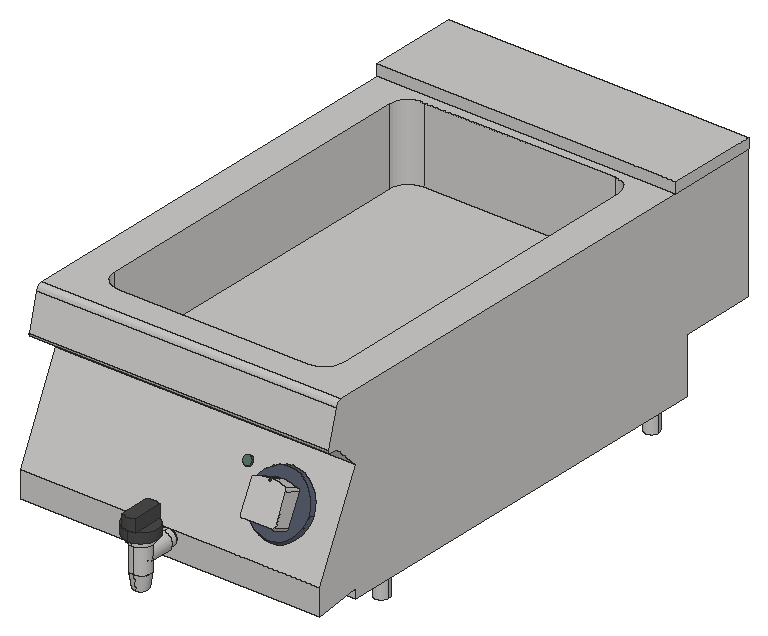
Revit family "QF_ZANUSSI_372096_Z7BMEDB000", category Specialty Equipment, Revit 2018
Family settings
  Round Connector Dimension = Use Diameter
  Part Type = Normal
  Work Plane-Based = No
  Always vertical = Yes
  Cut with Voids When Loaded = No
  Shared = No
  Room Calculation Point = No
Parameters
  Width = 400.00 mm  # constant formula
  Weight in Pounds = 44  # constant formula
  Weight = 0.00 kg
  Watts = 1500 W  # constant formula
  Volts = 230 V  # constant formula
  URL Manufacturer = "http://www.zanussiprofessional.com"
  URL Cutsheet = "www.electrolux.com/foodservice"
  URL = "http://www.zanussiprofessional.com"
  Type Mark [instance] = ""
  Steam Supply Size = 0"
  Steam Supply Minimum Pressure = 0.00 psi
  Steam Supply Maximum Pressure = 0.00 psi
  Steam Pounds per Hour = 0
  Status [instance] = ""
  Specification by User [instance] = ""
  Specification by Manufacturer = ""
  Show Logo [instance] = yes
  Show Clearance [instance] = yes
  Serial Number = ""
  Seismic Rating = ""
  SMACNA No = ""
  Revision Code [instance] = ""
  Refrigeration Suction Line Size = 0"
  Refrigeration Liquid Line Size = 0"
  Refrigerant Compressor Remote = yes
  Plumbing Remarks = ""
  Plumbing Connection Type = ""
  Phase = 1  # constant formula
  Omniclass Number and Title = ""
  Number of Poles [instance] = 1
  NAFEM Spec ID Number = ""
  Model = "Z7BMEDB000"
  Min Ckt Ampacity = 0 A
  Max Overcurrent Protection = 0 A
  Masterspec = ""
  Manufacturer = "Zanussi"
  Length Actual = 400.00 mm  # constant formula
  Item Number [instance] = "372096"
  Installed By [instance] = ""
  Indirect Waste Size = 2"  # constant formula
  Indirect Waste Flow [instance] = 0 GPM
  Indirect Waste Connection Type = ""
  Indirect Waste Connection Height [instance] = 0.00 mm
  Identify Quantity as Lot [instance] = yes
  Hot Water Size = 0"
  Height Actual = 250.00 mm  # constant formula
  Height = 289.00 mm  # constant formula
  HP = "2 HP"
  Gas Size = 0"
  Gas KW = 0
  Gas Input Pressure = 0.0 Btu/h
  Furnished By [instance] = ""
  Foodservice Equipment Identifier [instance] = yes
  FL Amps = if(Phase = 3, Watts / (Volts * 1.73), Watts / Volts)  # 6.52174 A
  Electrical Remarks [instance] = "230 V/1N ph/50/60 Hz"  # constant formula
  Electric Connection Type [instance] = ""
  Elec Conn RI Height [instance] = 0.00 mm
  Elec Conn Connection Height [instance] = 0.00 mm
  Direct Waste Size = 1/2"
  Description = "ELECTRIC BAIN-MARIE TOP 400 MM"
  Depth Actual = 700.00 mm  # constant formula
  Depth = 715.00 mm  # constant formula
  Cycle [instance] = if([60 Hertz Option], 60 Hz, 50 Hz)  # 60 Hz
  Conn Plug = ""
  Conn Conduit = yes
  Condensate Return Size = 0"
  Compressed Air Volume = 0 GPM
  Compressed Air Size = 0"
  Compressed Air Pressure = 0.00 psi
  Cold Water Size = 0"
  CSI MasterFormat = ""
  CSI Master Format = ""
  Base Height [instance] = 24.00 mm  # constant formula
  Apparent Power = if(Phase = 3, Volts * FL Amps * 1.73, Volts * FL Amps)  # 1500 VA
  Accessory = yes
  60 Hertz Option [instance] = not([50 Hertz Option])  # yes
  50 Hertz Option [instance] = no
Reference planes
  plane 1 "BACK": y = 0
  plane 2: z = 0
  plane 3 "LEFT": x = 0
  plane 4 "RIGHT": x = 400
  plane 5 "FRONT": y = -715
  plane 6 "TOP": z = 289
  plane 7 "Center Y": x = 200
  plane 8 "Center X": y = -357.5
  plane 9 "BASE": z = 24
  plane 10 "TOP A": z = 274.825
  plane 11: y = -597.884
  plane 12: y = -147.637
Forms (mm)
  Extrusion 1, solid, material "QF_Finishes_Stainless Steel"
    sketch origin (0, 0, 0) x (0, 1, 0) y (0, 0, 1)
      loop
        line (0, 98) -> (0, 274) -> (-679.358, 274)
        arc (-679.358, 274) -> (-684.643, 271.811) -> (-686.833, 266.526) r 7.474
        line (-686.833, 266.526) -> (-699.884, 221.011)
        arc (-699.884, 221.011) -> (-699.396, 218.379) -> (-697, 217.184) r 3
        line (-697, 217.184) -> (-686.802, 217.184) -> (-654.982, 185.364) -> (-715, 64.508) -> (-715, 29.508) -> (-658.645, 37.428)
        arc (-658.645, 37.428) -> (-656.101, 36.674) -> (-655, 34.259) r 3.2
        line (-655, 34.259) -> (-655, 24) -> (-103, 24) -> (-103, 98) -> (0, 98)
    from 0 to 400
  Extrusion 2, solid, material "QF_Finishes_Stainless Steel"
    sketch origin (0, 0, 274.825) x (-1, 0, 0) y (0, -1, 0)
      loop
        line (0, 0) -> (0, 120.65) -> (-400.05, 120.65) -> (-400.05, 0) -> (0, 0)
    from 0 to 14.175
  Extrusion 3, void
    sketch origin (0, 0, 274.825) x (-1, 0, 0) y (0, -1, 0)
      loop
        arc (-72.425, 132.504) -> (-54.464, 139.943) -> (-47.025, 157.904) r 25.4
        line (-47.025, 157.904) -> (-47.025, 617.104)
        arc (-47.025, 617.104) -> (-54.464, 635.064) -> (-72.425, 642.504) r 25.4
        line (-72.425, 642.504) -> (-327.575, 642.504)
        arc (-327.575, 642.504) -> (-345.536, 635.064) -> (-352.975, 617.104) r 25.4
        line (-352.975, 617.104) -> (-352.975, 157.904)
        arc (-352.975, 157.904) -> (-345.536, 139.943) -> (-327.575, 132.504) r 25.4
        line (-327.575, 132.504) -> (-72.425, 132.504)
    from 0 to -101.6
  Extrusion 4, solid, material "QF_Finishes_Stainless Steel"
    sketch origin (0, 0, 0) x (1, 0, 0) y (0, 1, 0)
      loop
        circle (11.112, -147.638) r 9.525
      loop
        circle (11.112, -597.884) r 9.525
      loop
        circle (388.887, -147.638) r 9.525
      loop
        circle (388.887, -597.884) r 9.525
    from 0 to 24
  Revolve 5, solid, material "QF_Finishes_Stainless Steel"
    sketch origin (200.025, -15.821, 0) x (0, 1, 0) y (0, 0, 1)
      loop
        line (-747.926, 15.877) -> (-738.917, 15.877) -> (-735.301, 36.388) -> (-735.301, 72.729) -> (-732.023, 72.729) -> (-732.023, 80.608) -> (-725.673, 80.608) -> (-725.673, 93.308) -> (-747.926, 93.308) -> (-747.926, 15.877)
      axis (-747.926, 15.877) -> (-747.926, 93.308)
    angle from 0 to 360
  Revolve 6, solid, material "QF_Finishes_Stainless Steel"
    sketch origin (200.025, 0, 0) x (0, 1, 0) y (0, 0, 1)
      loop
        line (-698.522, 55.75) -> (-766.752, 55.75) -> (-766.752, 43.447) -> (-727.357, 43.447) -> (-727.357, 45.149) -> (-718.364, 45.149) -> (-718.364, 47.196) -> (-698.522, 47.196) -> (-698.522, 55.75)
      axis (-766.752, 55.75) -> (-698.522, 55.75)
    angle from 0 to 360
  Extrusion 7, solid, material "QF_Finishes_Black"
    sketch origin (200.025, -763.747, 93.308) x (0, 1, 0) y (-1, 0, 0)
      loop
        line (20.063, 9.626) -> (-20.063, 9.626)
        arc (-20.063, 9.626) -> (-22.253, 0) -> (-20.063, -9.626) r 22.253
        line (-20.063, -9.626) -> (20.063, -9.626)
        arc (20.063, -9.626) -> (22.253, 0) -> (20.063, 9.626) r 22.253
    from 0 to 16.412
  Extrusion 8, solid, material "QF_Finishes_Stainless Steel"
    sketch origin (0, -101.6, 101.788) x (0, 0, -1) y (-1, 0, 0)
      loop
        circle (43.882, -62.029) r 12.7
    from 0 to 12.7
  Extrusion 9, solid, material "QF_Finishes_Clearance", visible <- "Show Clearance", detail levels coarse
    sketch origin (0, 0, 0) x (1, 0, 0) y (0, 1, 0)
      loop
        line (0, -715) -> (0, 0) -> (400, 0) -> (400, -715) -> (550.019, -715) -> (550.019, 150.019) -> (-150.019, 150.019) -> (-150.019, -715) -> (0, -715)
    from 0 to 289
  Blend 10, solid, material "QF_Finishes_Navy Blue"
    base sketch origin (325, -684.991, 124.936) x (1, 0, 0) y (0, 0.444781, 0.895639)
      loop
        circle (0, 0) r 42.5
    top sketch origin (325, -684.991, 124.936) x (1, 0, 0) y (0, 0.444781, 0.895639)
      loop
        circle (0, 0) r 40.5
    from 0 to 5
  Extrusion 11, solid, material "QF_Finishes_Stainless Steel"
    sketch origin (325, -684.991, 124.936) x (1, 0, 0) y (0, 0.444781, 0.895639)
      loop
        arc (-21.147, 22.789) -> (-22.494, 21.685) -> (-23, 20.019) r 2.997
        line (-23, 20.019) -> (-23, -20.019)
        arc (-23, -20.019) -> (-22.122, -22.138) -> (-20.003, -23.016) r 2.997
        line (-20.003, -23.016) -> (20.003, -23.016)
        arc (20.003, -23.016) -> (22.122, -22.138) -> (23, -20.019) r 2.997
        line (23, -20.019) -> (23, 20.019)
        arc (23, 20.019) -> (22.494, 21.685) -> (21.147, 22.789) r 2.997
        arc (21.147, 22.789) -> (0, 26.984) -> (-21.147, 22.789) r 55.4
    from 10 to 34
  Extrusion 12, solid, material "QF_Plastic-Black-Matte"
    sketch origin (405, -684.991, 124.936) x (0, 0.444781, 0.895639) y (0, -0.895639, 0.444781)
      loop
        line (26.984, 34) -> (26.984, 19) -> (27.984, 19) -> (27.984, 34)
        arc (27.984, 34) -> (27.691, 34.707) -> (26.984, 35) r 1
        line (26.984, 35) -> (23.984, 35) -> (23.984, 34) -> (26.984, 34)
    from -81 to -79
  Extrusion 13, solid, material "QF_Finishes_Stainless Steel"
    sketch origin (325, -684.991, 124.936) x (1, 0, 0) y (0, 0.444781, 0.895639)
      loop
        line (17.5, 17.5) -> (-17.5, 17.5) -> (-17.5, -17.5) -> (17.5, -17.5) -> (17.5, 17.5)
    from 5 to 10
  Extrusion 14, solid, material "QF_Finishes_DarkGreen"
    sketch origin (325, -671.648, 151.805) x (1, 0, 0) y (0, 0.444781, 0.895639)
      loop
        circle (-55.001, 0) r 6
    from 0 to 1.6
Cuts and joins
  Extrusion 3 cuts Extrusion 1
Lines and regions (mm)
  Split face 1
    outline origin (320.014, -683.133, 139.919) x (1, 0, 0) y (0, 0.444781, 0.895639)
      loop
        circle (-30.633, -14.752) r 1.5
  Split face 2
    outline origin (328.214, -690.77, 124.541) x (1, 0, 0) y (0, 0.444781, 0.895639)
      loop
        circle (-21.199, -26.582) r 1.5
  Split face 3
    outline origin (332.566, -689.848, 126.397) x (1, 0, 0) y (0, 0.444781, 0.895639)
      loop
        circle (-7.566, -33.148) r 1.5
  Split face 4
    outline origin (337.419, -686.96, 132.212) x (1, 0, 0) y (0, 0.444781, 0.895639)
      loop
        circle (7.566, -33.148) r 1.5
  Split face 5
    outline origin (336.137, -682.319, 141.558) x (1, 0, 0) y (0, 0.444781, 0.895639)
      loop
        circle (21.199, -26.582) r 1.5
  Split face 6
    outline origin (326.5, -678.264, 149.724) x (1, 0, 0) y (0, 0.444781, 0.895639)
      loop
        circle (30.633, -14.752) r 1.5
  Split face 7
    outline origin (310.985, -677.235, 151.796) x (1, 0, 0) y (0, 0.444781, 0.895639)
      loop
        circle (34, 0) r 1.5
  Split face 8
    outline origin (325, -689.469, 127.16) x (1, 0, 0) y (0, 0.444781, 0.895639)
      loop
        circle (0, 33.561) r 1.5
  Split face 9
    outline origin (315.083, -685.035, 136.089) x (1, 0, 0) y (0, 0.444781, 0.895639)
      loop
        circle (-21.199, -26.582) r 1.5
  symbolic lines, style "QF-Clearances", visible <- "Show Clearance", detail levels coarse
    curve 1: line (-150.019, 150.019, 274.825) -> (-150.019, -715, 274.825)
    curve 2: line (550.019, 150.019, 274.825) -> (-150.019, 150.019, 274.825)
    curve 3: line (550.019, -715, 274.825) -> (550.019, 150.019, 274.825)
  symbolic lines
    curve 4: line (0, 0, 274.825) -> (400, 0, 274.825)
    curve 5: line (0, -715, 274.825) -> (0, 0, 274.825)
    curve 6: line (400, 0, 274.825) -> (400, -715, 274.825)
    curve 7: line (47.025, -157.904, 274.825) -> (47.025, -617.104, 274.825)
    curve 8: arc (47.025, -617.104, 274.825) -> (54.464, -635.064, 274.825) -> (72.425, -642.504, 274.825) r 25.4
    curve 9: line (72.425, -642.504, 274.825) -> (327.575, -642.504, 274.825)
    curve 10: arc (327.575, -642.504, 274.825) -> (345.536, -635.064, 274.825) -> (352.975, -617.104, 274.825) r 25.4
    curve 11: line (352.975, -617.104, 274.825) -> (352.975, -157.904, 274.825)
    curve 12: line (327.575, -132.504, 274.825) -> (72.425, -132.504, 274.825)
    curve 13: line (0, -120.65, 274.825) -> (400, -120.65, 274.825)
    curve 14: line (0, -69.85, 274.825) -> (0, -120.65, 274.825)
    curve 15: circle (200, -763.747, 274.825) r 22.253 normal (0, 0, 1)
    curve 16: line (209.626, -783.81, 274.825) -> (209.626, -743.684, 274.825)
    curve 17: line (190.374, -783.81, 274.825) -> (190.374, -743.684, 274.825)
    curve 18: arc (72.425, -132.504, 274.825) -> (54.464, -139.943, 274.825) -> (47.025, -157.904, 274.825) r 25.4
    curve 19: arc (327.575, -132.504, 274.825) -> (345.536, -139.943, 274.825) -> (352.975, -157.904, 274.825) r 25.4
    curve 20: line (189.329, -744.22, 274.825) -> (189.329, -715, 274.825)
    curve 21: line (210.671, -744.22, 274.825) -> (210.671, -715, 274.825)
    curve 22: line (0, -700, 0) -> (400.05, -700, 0)
    curve 23: line (302, -700, 0) -> (302, -724.347, 0)
    curve 24: arc (302, -724.347, 0) -> (302.146, -724.811, 0) -> (302.532, -725.107, 0) r 0.809
    curve 25: arc (302.532, -725.107, 0) -> (303.72, -725.587, 0) -> (304.997, -725.68, 0) r 4.127
    curve 26: arc (302, -704.292, 0) -> (296.959, -702.458, 0) -> (292.191, -700, 0) r 42.24
    curve 27: arc (302, -706.539, 0) -> (302.502, -705.818, 0) -> (303.299, -705.448, 0) r 1.682
    curve 28: arc (303.299, -705.448, 0) -> (313.602, -703.95, 0) -> (324, -703.441, 0) r 109.079
    curve 29: line (324, -700, 0) -> (324, -705.671, 0)
    curve 30: line (324, -705.671, 0) -> (326, -705.671, 0)
    curve 31: line (326, -705.671, 0) -> (326, -700, 0)
    curve 32: line (348, -700, 0) -> (348, -724.347, 0)
    curve 33: arc (348, -724.347, 0) -> (347.854, -724.811, 0) -> (347.468, -725.107, 0) r 0.809
    curve 34: arc (347.468, -725.107, 0) -> (346.28, -725.587, 0) -> (345.003, -725.68, 0) r 4.127
    curve 35: arc (348, -704.292, 0) -> (353.041, -702.458, 0) -> (357.809, -700, 0) r 42.24
    curve 36: arc (348, -706.539, 0) -> (347.498, -705.818, 0) -> (346.701, -705.448, 0) r 1.682
    curve 37: arc (346.701, -705.448, 0) -> (336.398, -703.95, 0) -> (326, -703.441, 0) r 109.079
    curve 38: line (304.997, -725.68, 0) -> (345.003, -725.68, 0)
    curve 39: line (348, -715, 0) -> (400.05, -715, 0)
    curve 40: line (0, -715, 0) -> (302, -715, 0)
Dimensions and locks
  equal spacing: plane 3 "LEFT", plane 7 "Center Y", plane 4 "RIGHT"
  "Width": plane 3 "LEFT" to plane 4 "RIGHT"
  equal spacing: plane 5 "FRONT", plane 8 "Center X", plane 1 "BACK"
  "Depth": plane 5 "FRONT" to plane 1 "BACK"
  "Height": plane 6 "TOP" to level
  plane 1 "BACK" to plane 5 "FRONT" = 715.00 mm
  "Base Height": plane 9 "BASE" to level
  plane 10 "TOP A" to plane 9 "BASE" = 250.825 mm
  aligned and locked: level to plane 2
  aligned and locked: plane 6 "TOP" to Extrusion 2
  aligned and locked: plane 9 "BASE" to Extrusion 4
  aligned and locked: plane 6 "TOP" to Extrusion 9
Automatic sketch dimensions
  Extrusion 2 sketch curve to plane 3 "LEFT" = 0.00 mm
  Extrusion 2 sketch curve to Extrusion 2 sketch curve = 400.05 mm
  plane 1 "BACK" to Extrusion 2 sketch curve = 0.00 mm
  Extrusion 2 sketch curve to plane 12 = 26.988 mm
  plane 11 to Extrusion 4 sketch curve = 0.00 mm  (x2)
  plane 12 to Extrusion 4 sketch curve = 0.00 mm  (x2)
  plane 3 "LEFT" to Extrusion 4 sketch curve = 11.112 mm  (x2)
  Extrusion 4 sketch curve to plane 4 "RIGHT" = 11.113 mm  (x2)
  Revolve 5 sketch curve to plane 9 "BASE" = 8.123 mm
  plane 5 "FRONT" to Revolve 5 sketch curve = 48.747 mm
  Revolve 5 sketch curve to Revolve 5 sketch curve = 0.00 mm
  Revolve 5 sketch curve to Revolve 5 sketch curve = 9.009 mm
  plane 5 "FRONT" to Revolve 5 sketch curve = 36.122 mm
  Revolve 5 sketch curve to Revolve 5 sketch curve = 3.277 mm
  Revolve 5 sketch curve to Revolve 5 sketch curve = 6.35 mm
  plane 9 "BASE" to Revolve 5 sketch curve = 12.388 mm
  Revolve 5 sketch curve to Revolve 5 sketch curve = 36.341 mm
  Revolve 5 sketch curve to Revolve 5 sketch curve = 7.879 mm
  Revolve 5 sketch curve to Revolve 5 sketch curve = 12.70 mm  (x2)
  Revolve 5 sketch curve to Revolve 5 sketch curve = 15.064 mm
  plane 5 "FRONT" to Revolve 6 sketch curve = 51.752 mm
  plane 5 "FRONT" to Revolve 6 sketch curve = 12.357 mm
  plane 5 "FRONT" to Revolve 6 sketch curve = 3.364 mm
  Revolve 6 sketch curve to plane 5 "FRONT" = 16.478 mm
  Revolve 6 sketch curve to Revolve 6 sketch curve = 0.00 mm  (x2)
  Revolve 6 sketch curve to Revolve 6 sketch curve = 9.137 mm
  plane 9 "BASE" to Revolve 6 sketch curve = 19.447 mm
  Revolve 6 sketch curve to Revolve 6 sketch curve = 1.702 mm
  Revolve 6 sketch curve to Revolve 6 sketch curve = 2.047 mm
  Revolve 6 sketch curve to Revolve 6 sketch curve = 12.303 mm
  Extrusion 7 sketch curve to Revolve 5 = 9.626 mm
  Revolve 5 to Extrusion 7 sketch curve = 9.626 mm
  Extrusion 7 sketch curve to Extrusion 7 sketch curve = 0.00 mm
  plane 1 "BACK" to Extrusion 9 sketch curve = 0.00 mm
  Extrusion 9 sketch curve to plane 3 "LEFT" = 0.00 mm
  Extrusion 9 sketch curve to plane 4 "RIGHT" = 0.00 mm
  Extrusion 9 sketch curve to plane 3 "LEFT" = 150.019 mm
  plane 5 "FRONT" to Extrusion 9 sketch curve = 0.00 mm  (x2)
  plane 4 "RIGHT" to Extrusion 9 sketch curve = 150.019 mm
  Extrusion 9 sketch curve to plane 1 "BACK" = 150.019 mm
  plane 11 to Extrusion 3 sketch curve = 19.219 mm
  Extrusion 3 sketch curve to plane 4 "RIGHT" = 47.025 mm
  Extrusion 3 sketch curve to plane 12 = 15.134 mm
  Extrusion 3 sketch curve to Extrusion 3 sketch curve = 25.40 mm  (x3)
  plane 3 "LEFT" to Extrusion 3 sketch curve = 72.425 mm  (x2)
  plane 11 to Extrusion 1 sketch curve = 117.116 mm
  Extrusion 1 sketch curve to plane 10 "TOP A" = 53.814 mm
  plane 11 to Extrusion 1 sketch curve = 101.999 mm
  Extrusion 1 sketch curve to plane 10 "TOP A" = 54.641 mm
  Extrusion 1 sketch curve to Extrusion 1 sketch curve = 2.884 mm
  plane 11 to Extrusion 1 sketch curve = 88.948 mm
  Extrusion 1 sketch curve to Extrusion 1 sketch curve = 10.198 mm
  Extrusion 1 sketch curve to Extrusion 1 sketch curve = 7.474 mm
  plane 11 to Extrusion 1 sketch curve = 60.761 mm
  Extrusion 1 sketch curve to Extrusion 1 sketch curve = 0.445 mm
  Extrusion 1 sketch curve to Extrusion 1 sketch curve = 3.20 mm
  Extrusion 1 sketch curve to Extrusion 1 sketch curve = 31.82 mm
  plane 1 "BACK" to Extrusion 1 sketch curve = 103.00 mm
  Extrusion 1 sketch curve to plane 6 "TOP" = 15.00 mm
  Extrusion 1 sketch curve to plane 1 "BACK" = 0.00 mm
  Extrusion 1 sketch curve to plane 10 "TOP A" = 89.461 mm
  Extrusion 1 sketch curve to plane 10 "TOP A" = 176.825 mm
  plane 9 "BASE" to Extrusion 1 sketch curve = 40.508 mm
  Extrusion 1 sketch curve to Extrusion 1 sketch curve = 27.08 mm
  Extrusion 1 sketch curve to Extrusion 1 sketch curve = 35.00 mm
  plane 9 "BASE" to Extrusion 1 sketch curve = 0.00 mm
  plane 9 "BASE" to Extrusion 8 sketch curve = 33.906 mm
  plane 3 "LEFT" to Extrusion 8 sketch curve = 62.029 mm
  plane 3 "LEFT" to Blend 10 sketch curve = 325.00 mm  (x2)
  plane 3 "LEFT" to Extrusion 11 sketch curve = 302.00 mm
  Extrusion 11 sketch curve to Extrusion 11 sketch curve = 2.997 mm  (x3)
  Extrusion 11 sketch curve to Extrusion 11 sketch curve = 20.003 mm  (x2)
  Extrusion 11 sketch curve to Extrusion 11 sketch curve = 40.005 mm
  Extrusion 11 sketch curve to Extrusion 11 sketch curve = 5.399 mm
  Extrusion 11 sketch curve to Extrusion 11 sketch curve = 40.037 mm
  Extrusion 11 sketch curve to Extrusion 11 sketch curve = 0.00 mm  (x2)
  Extrusion 12 sketch curve to plane 5 "FRONT" = 9.329 mm
  Extrusion 12 sketch curve to plane 10 "TOP A" = 112.841 mm
  Extrusion 12 sketch curve to Extrusion 12 sketch curve = 3.00 mm
  Extrusion 12 sketch curve to Extrusion 12 sketch curve = 0.00 mm  (x2)
  Extrusion 12 sketch curve to Extrusion 12 sketch curve = 1.00 mm
  Extrusion 12 sketch curve to Extrusion 12 sketch curve = 15.00 mm
  plane 3 "LEFT" to Extrusion 13 sketch curve = 307.50 mm
  Extrusion 13 sketch curve to Extrusion 13 sketch curve = 35.00 mm  (x2)
  plane 3 "LEFT" to Extrusion 14 sketch curve = 269.999 mm
  curve 40 to plane 3 "LEFT" = 0.00 mm
  curve 22 to plane 3 "LEFT" = 0.00 mm
  curve 24 to curve 27 = 0.774 mm
  curve 24 to curve 25 = 1.846 mm
  curve 27 to curve 26 = 10.309 mm
  plane 7 "Center Y" to curve 28 = 124.131 mm
  curve 28 to curve 37 = 1.738 mm
  curve 26 to curve 35 = 22.215 mm
  plane 7 "Center Y" to curve 34 = 145.346 mm
  curve 34 to curve 36 = 1.071 mm
  curve 28 to curve 37 = 0.00 mm
  curve 24 to curve 33 = 0.00 mm
  curve 34 to curve 36 = 14.462 mm
  curve 26 to curve 35 = 0.00 mm
  curve 26 to curve 27 = 11.392 mm
  curve 24 to curve 24 = 0.809 mm
  curve 24 to curve 24 = 0.277 mm
  curve 27 to curve 27 = 0.284 mm
  curve 24 to curve 38 = 2.465 mm
  curve 27 to curve 29 = 20.417 mm
  curve 28 to curve 37 = 2.00 mm
  curve 38 to curve 33 = 2.189 mm
  curve 36 to curve 36 = 0.284 mm
  curve 33 to curve 34 = 0.277 mm
  curve 33 to curve 32 = 0.809 mm
  curve 37 to curve 35 = 1.299 mm
  curve 32 to curve 35 = 9.809 mm
  plane 4 "RIGHT" to curve 22 = 0.05 mm
  plane 4 "RIGHT" to curve 39 = 0.05 mm
  curve 38 to curve 24 = 0.573 mm
  curve 23 to curve 40 = 9.347 mm
  plane 5 "FRONT" to curve 39 = 0.00 mm
  curve 36 to curve 36 = 0.567 mm
  curve 27 to curve 27 = 0.567 mm
  curve 36 to curve 30 = 1.435 mm
  curve 28 to curve 26 = 1.156 mm
  curve 37 to curve 35 = 1.156 mm
  curve 28 to curve 29 = 3.441 mm
  curve 35 to curve 32 = 4.292 mm
  curve 26 to curve 23 = 4.292 mm
  curve 39 to curve 22 = 15.00 mm
  plane 5 "FRONT" to curve 3 = 0.00 mm
  plane 1 "BACK" to curve 4 = 0.00 mm
  curve 4 to plane 4 "RIGHT" = 0.00 mm
  plane 5 "FRONT" to curve 21 = 0.00 mm
  curve 15 to plane 7 "Center Y" = 0.00 mm
  plane 5 "FRONT" to curve 20 = 0.00 mm
  curve 4 to plane 3 "LEFT" = 0.00 mm
  curve 14 to plane 3 "LEFT" = 0.00 mm
  plane 5 "FRONT" to curve 1 = 0.00 mm
  plane 5 "FRONT" to curve 6 = 0.00 mm
  plane 5 "FRONT" to curve 5 = 0.00 mm
  plane 4 "RIGHT" to curve 3 = 150.019 mm
  plane 12 to curve 11 = 10.266 mm
  curve 11 to plane 4 "RIGHT" = 47.025 mm
  curve 12 to plane 12 = 15.134 mm
  curve 10 to curve 9 = 25.40 mm
  plane 12 to curve 18 = 10.266 mm
  plane 3 "LEFT" to curve 18 = 72.425 mm
  plane 11 to curve 8 = 19.219 mm
  curve 8 to curve 7 = 25.40 mm
  curve 2 to plane 3 "LEFT" = 150.019 mm
  curve 1 to plane 1 "BACK" = 150.019 mm
  curve 13 to plane 12 = 26.988 mm
  plane 5 "FRONT" to curve 15 = 48.747 mm
  plane 7 "Center Y" to curve 21 = 10.671 mm
  plane 7 "Center Y" to curve 16 = 9.626 mm
  curve 17 to plane 7 "Center Y" = 9.626 mm
  curve 20 to plane 7 "Center Y" = 10.671 mm
  curve 14 to curve 13 = 50.80 mm
  curve 16 to curve 15 = 20.063 mm
  radius of Extrusion 4 sketch curve = 9.525 mm  (x4)
  radius of Extrusion 7 sketch curve to Revolve 5 = 0.00 mm  (x2)
  radius of Extrusion 8 sketch curve = 12.70 mm
  radius of Blend 10 sketch curve = 42.50 mm
  radius of Blend 10 sketch curve = 40.50 mm
  radius of Split face 1 sketch curve = 1.50 mm
  radius of Split face 2 sketch curve = 1.50 mm
  radius of Split face 3 sketch curve = 1.50 mm
  radius of Split face 4 sketch curve = 1.50 mm
  radius of Split face 5 sketch curve = 1.50 mm
  radius of Split face 6 sketch curve = 1.50 mm
  radius of Split face 7 sketch curve = 1.50 mm
  radius of Split face 8 sketch curve = 1.50 mm
  radius of Extrusion 14 sketch curve = 6.00 mm
  radius of Split face 9 sketch curve = 1.50 mm
Connectors
  electrical at (62.029, -88.9, 57.906), driven by "Volts", driven by "Watts"
    settings: on Extrusion 8, index 1, voltage 230 V, apparent load 1500 VA, apparent load phase1 0 VA, apparent load phase2 0 VA, apparent load phase3 0 VA, power factor 1, load classification "Other", number of poles 1, system type 30, power factor state 1, is connector primary yes, connector utility no, sub classification motor no, connector description "Electrical Connection"
  piping at (200.025, -763.747, 15.877), diameter 50.8
    settings: on Revolve 5, index 2, connector inside diameter 2", connector length 0.00 mm, flow factor 0, pipe flow 0 GPM, pressure drop 0.00 psi, fitting loss kfactor 0, connector angle 0.00°, fixture units 0, engagement length 0.00 mm, angle of deflection 0.00°, flow configuration 1, flow direction 2, fitting loss method 0, system type 16, joint type 0, gender type 0, connector reference index -1, connector utility 0, adjustable connector no, is connector primary yes, connector description "Drain"
